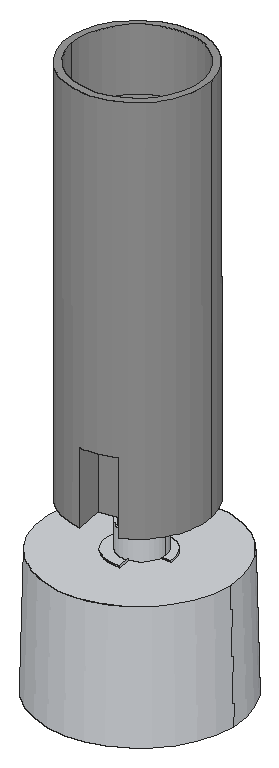
Revit family "0006164", category Generic Models, host Face, Revit 2018
Family settings
  Host = Face
  Can host rebar = No
  Round Connector Dimension = Use Diameter
  Part Type = Normal
  OmniClass Number = 23.80.70.00
  OmniClass Title = Lighting
  Cut with Voids When Loaded = No
  Shared = No
  Room Calculation Point = No
Parameters (values of type "0006164 PIXO MINI SURFACE 520LM 930 MB WHT")
  Width = 60 mm
  URL = "0.5"
  Type Image = <None>
  Type Comments = "n/a"
  Material_3_SYL = none
  Model = "Pixo Mini SURFACE 520lm 930 MB WHITE"
  Manufacturer = ""
  Length = 60 mm
  Keynote = "n/a"
  Material_2_SYL = none
  Description = "Integrated LED spotlight, Textured White - RAL9016, simple and slick integral design with no driver box and without any visible screws, ideal for retail applications, die-cast aluminium body, passive cooling heatsink. Beam angle: 40°, color temperature: 3000K , total system power: 6.5W, total fixture output: 520 lm, LOR: 100%, colour rendering: Ra: 90 typical, IR/UV free light source without heat radiation, operating voltage: 220-240V / 50-60Hz, electronic driver, non-dimmable, low LED flickerering rate (6%-20%), power factor: >0.90, electrical protection: Class I, Surface mounting ceiling rose, ingress protection rating: IP20, suitable for internal environment only, horizontal rotation: 345°, vertical tilt: 90°, dimensions: Ø41.5x125, weight: 0.219kg."
  Default Elevation = 1219.2 mm
  Cost = 0
  Material_1_SYL = none
  Assembly Code = "D5020200"
  Material_4_SYL = none
Reference planes
  plane 1 "Center (Front/Back)": y = 0
  plane 2: z = 0
  plane 3 "Center (Left/Right)": x = 0
  plane 4: y = 30
  plane 5: y = -30
  plane 6: x = -30
  plane 7: x = 30
  plane 8: x = -10
  plane 9: x = 10
  plane 10: y = -10
  plane 11: z = 50
  plane 12: z = 40
Forms (mm)
  Blend 1, solid
    base sketch origin (0, 0, 0) x (1, 0, 0) y (0, 1, 0)
      loop
        circle (0, 0) r 30
    top sketch origin (0, 0, 0) x (1, 0, 0) y (0, 1, 0)
      loop
        circle (0, 0) r 29
    from 0 to 40
  Revolve 2, solid
    sketch origin (-0.132, 1524, 1218.539) x (0, 1, 0) y (0, 0, 1)
      loop
        line (-1524, -1178.287) -> (-1534, -1178.287) -> (-1534, -1183.679) -> (-1524, -1183.679) -> (-1524, -1178.287)
      axis (-1524, -1178.287) -> (-1524, -1183.679)
    angle from -10.388 to 269.147
Dimensions and locks
  "Width": plane 4 to plane 5
  equal spacing: plane 4, plane 1 "Center (Front/Back)", plane 5
  "Length": plane 6 to plane 7
  equal spacing: plane 6, plane 3 "Center (Left/Right)", plane 7
  plane 11 to plane 12 = 10 mm
  aligned and locked: plane 2 to host face
  aligned and locked: level to host face
  aligned and locked: plane 12 to Blend 1
Automatic sketch dimensions
  host sketch curve to host sketch curve = 2438.4 mm  (x2)
  plane 1 "Center (Front/Back)" to Blend 1 sketch curve = 0 mm  (x2)
  Blend 1 sketch curve to plane 3 "Center (Left/Right)" = 0 mm  (x2)
  Revolve 2 sketch curve to plane 10 = 0 mm
  Revolve 2 sketch curve to plane 1 "Center (Front/Back)" = 0 mm  (x2)
  Revolve 2 sketch curve to plane 12 = 5.14 mm
  Revolve 2 sketch curve to plane 11 = 9.748 mm
  Revolve 2 sketch curve to Revolve 2 sketch curve = 6.947 mm
  Revolve 2 sketch curve to Revolve 2 sketch curve = 19.087 mm
  radius of Blend 1 sketch curve = 30 mm
  radius of Blend 1 sketch curve = 29 mm
Nested families
  nested 1: "Pixo Mini Integral arm and Head Family face based" at (0, 0.779, 40.252) x (-0.9836, -0.1803, 0) z (0, 0, 1), type "Type Name"
Definition of nested family "Pixo Mini Integral arm and Head Family face based"
  Parameters (values of type "Type Name")
    Width = 14 mm
    URL = "http://www.sylvania-lighting.com"
    Type Image = (empty or 0)
    Type Comments = "n/a"
    Material_3_SYL = none
    Model = ""
    Manufacturer = "Feilo Sylvania"
    Length = 14 mm
    Keynote = ""
    Material_2_SYL = none
    Description = ""
    Default Elevation = 1219.2 mm
    Cost = 0
    Material_1_SYL = none
    Assembly Code = ""
    Material_4_SYL = none
  Reference planes
    plane 1 "Center (Front/Back)": y = 0
    plane 2: z = 0
    plane 3 "Center (Left/Right)": x = 0
    plane 4: y = 7
    plane 5: y = -7
    plane 6: x = -7
    plane 7: x = 7
    plane 8: y = 5
    plane 9: y = -5
    plane 10: x = -4
    plane 11: x = 4
    plane 12: z = 32
    plane 13: z = 27
    plane 14: z = 29.5
    plane 15: z = 24.5
    plane 16: x = 2.5
    plane 17: x = -2.476
    plane 18: y = 2.5
    plane 19: y = -2.5
  Forms (mm)
    Extrusion 1, solid
      sketch origin (4.2, 0, 0) x (1, 0, 0) y (0, 1, 0)
        loop
          line (-1219.2, 1219.2) -> (-1219.2, -1219.2) -> (1219.2, -1219.2) -> (1219.2, 1219.2) -> (-1219.2, 1219.2)
      from 0 to -68.017
    Extrusion 2, solid
      sketch origin (0, 0, 0) x (1, 0, 0) y (0, 1, 0)
        loop
          circle (0, 0) r 7
      from 0 to 8
    Extrusion 3, solid
      sketch origin (0, 0, 0) x (1, 0, 0) y (0, 1, 0)
        loop
          line (-4, 5) -> (-4, -5) -> (4, -5) -> (4, 5) -> (-4, 5)
      from 0 to 32
    Revolve 4, solid
      sketch origin (1524, 0.091, 1207.16) x (1, 0, 0) y (0, 0, 1)
        loop
          line (-1515.995, -1189.7) -> (-1532.014, -1189.7) -> (-1532.014, -1192.2) -> (-1515.995, -1192.2) -> (-1515.995, -1189.7)
        axis (-1515.995, -1192.2) -> (-1532.014, -1192.2)
      angle from 179.753 to 270.073
  Dimensions and locks
    "Width": plane 4 to plane 5
    equal spacing: plane 4, plane 1 "Center (Front/Back)", plane 5
    "Length": plane 6 to plane 7
    equal spacing: plane 6, plane 3 "Center (Left/Right)", plane 7
    aligned and locked: plane 2 to Extrusion 1
    aligned and locked: level to Extrusion 1
  Automatic sketch dimensions
    Extrusion 1 sketch curve to Extrusion 1 sketch curve = 2438.4 mm  (x2)
    plane 1 "Center (Front/Back)" to Extrusion 2 sketch curve = 0 mm
    Extrusion 2 sketch curve to plane 3 "Center (Left/Right)" = 0 mm
    Extrusion 3 sketch curve to plane 9 = 0 mm
    Extrusion 3 sketch curve to plane 10 = 0 mm
    Extrusion 3 sketch curve to plane 11 = 0 mm
    Extrusion 3 sketch curve to plane 8 = 0 mm
    Revolve 4 sketch curve to plane 13 = 12.04 mm  (x2)
    plane 17 to Revolve 4 sketch curve = 5.537 mm
    Revolve 4 sketch curve to plane 16 = 5.505 mm
    Revolve 4 sketch curve to plane 14 = 12.04 mm
    plane 6 to Revolve 4 sketch curve = 1.319 mm
    Revolve 4 sketch curve to plane 7 = 1.279 mm
    radius of Extrusion 2 sketch curve = 7 mm
  Nested families
    nested 1: "Pixo Mini Integral Head Family face based nested" at (0.337, 1.428, 14.959) x (-1, 0, 0) z (0, 0.0013, 1), type "Type Name"
      with built-in parameter 1114216 (empty or 0)
  Definition of nested family "Pixo Mini Integral Head Family face based nested"
    Parameters (values of type "Type Name")
      Wattage Comments = "n/a"
      Wattage = 9.2903 W
      built-in parameter 1150110 = 1 (stored number, unit not read)
      URL = "http://www.sylvania-lighting.com"
      Type Image = (empty or 0)
      Type Comments = "n/a"
      built-in parameter 1114217 = 1 (stored number, unit not read)
      Tilt Angle = 90.00°
      built-in parameter 1150109 = 1 (stored number, unit not read)
      built-in parameter 1150134 = 3
      built-in parameter 1150113 = 1 (stored number, unit not read)
      Photometric Web File = "0006164.ies"
      Material_3_SYL = none
      Model = ""
      Manufacturer = "Feilo Sylvania"
      built-in parameter 1150105 = 109.82 (stored number, unit not read)
      Lumens = 1380 lm
      built-in parameter 1150115 = 1 (stored number, unit not read)
      built-in parameter 1150137 = (empty or 0)
      built-in parameter 1150139 = (empty or 0)
      built-in parameter 1150112 = 1 (stored number, unit not read)
      built-in parameter 1150114 = 1 (stored number, unit not read)
      Lamp = "LED"
      Keynote = "16500"
      Material_2_SYL = none
      built-in parameter 1150132 = (empty or 0)
      built-in parameter 1150102 = (empty or 0)
      built-in parameter 1150107 = 3200 (stored number, unit not read)
      built-in parameter 1150138 = (empty or 0)
      built-in parameter 1150106 = 1.0982 (stored number, unit not read)
      built-in parameter 1150104 = 13.8 (stored number, unit not read)
      Dimming Lamp Color Temperature Shift = (empty or 0)
      Description = ""
      Default Elevation = 1219.2 mm
      Cost = 0
      Color Filter = 16777215
      built-in parameter 1114216 [instance] = (empty or 0)
      Material_1_SYL = none
      built-in parameter 1114218 = 1 (stored number, unit not read)
      built-in parameter 1150133 = 10 (stored number, unit not read)
      Assembly Code = "D5020200"
      Apparent Load = 0 VA
      Material_4_SYL = none
    Reference planes
      plane 1 "Center (Front/Back)": y = 0
      plane 2: z = 0
      plane 3 "Center (Left/Right)": x = 0
      plane 4: z = 61.598
      plane 5: y = -21
      plane 6: y = -11
      plane 7: x = -5.5
      plane 8: x = 5.5
    Forms (mm)
      Extrusion 1, solid
        sketch origin (4.2, 0, 0) x (1, 0, 0) y (0, 1, 0)
          loop
            line (-1219.2, 1219.2) -> (-1219.2, -1219.2) -> (1219.2, -1219.2) -> (1219.2, 1219.2) -> (-1219.2, 1219.2)
        from 0 to -68.017
      Extrusion 2, solid
        sketch origin (0, 0, 0) x (1, 0, 0) y (0, 1, 0)
          loop
            circle (0, 0) r 21
        from 0 to 125
      Extrusion 3, void
        sketch origin (0, 0, 0) x (1, 0, 0) y (0, 1, 0)
          loop
            circle (0, 0) r 19
        from 125 to 105.028
      Blend 4, void
        base sketch origin (0, 0, 0) x (1, 0, 0) y (0, 1, 0)
          loop
            circle (0, 0) r 16.5
        top sketch origin (0, 0, 0) x (1, 0, 0) y (0, 1, 0)
          loop
            circle (0, 0) r 5.5
        from 105.028 to 95
      Extrusion 5, solid, detail levels fine
        sketch origin (0, 0, 0) x (1, 0, 0) y (0, 1, 0)
          loop
            circle (0, 0) r 5.5
        from 95 to 97
      Extrusion 6, void
        sketch origin (0, 0, 0) x (1, 0, 0) y (0, 1, 0)
          loop
            line (5.5, -21) -> (5.5, -11) -> (-5.5, -11) -> (-5.5, -21) -> (5.5, -21)
        from 0 to 23
    Cuts and joins
      Extrusion 3, Blend 4, Extrusion 6 cuts Extrusion 2
    Dimensions and locks
      aligned and locked: plane 2 to Extrusion 1
      aligned and locked: level to Extrusion 1
    Connectors
      electrical at (0, 0, 0), driven by "Apparent Load"
        settings: index 1, voltage 230 V, apparent load 0 VA, apparent load phase1 0 VA, apparent load phase2 0 VA, apparent load phase3 0 VA, power factor 0, load classification none, number of poles 1, system type 30, power factor state 1, is connector primary yes, connector utility no, sub classification motor no, connector description ""
